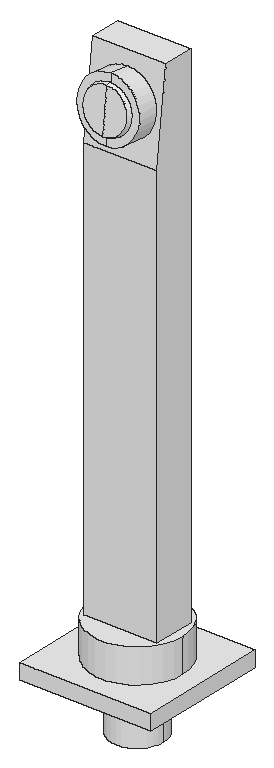
Revit family "Outlet-Basin-Caroma Quatro-Wall", category Plumbing Fixtures, host Face, Revit 2013
Parameters (values of type "Standard")
  Waste Connection = no
  Vent Connection = no
  URL = "http://www.caroma.com.au/"
  Type Comments = "Caroma Quatro Wall Basin Outlet"  # constant formula
  Model = "90708C6A"  # constant formula
  Material_ANZRS = Metal-Chrome-Caroma
  Manufacturer = "GWA Bathrooms & Kitchens"  # constant formula
  HWFU = 1.2  # constant formula
  HW Connection = yes
  Description = "WELS 6 Star rated, 4.5L/min"  # constant formula
  Default Elevation = 900 mm
  CreatedBy_ANZRS = "Design Content"  # constant formula
  CreatedByURL_ANZRS = "www.designcontent.com.au"
  Cost = 0
  Connector Radius = 10 mm
  CWFU = 1.2  # constant formula
  CW Connection = yes
  Assembly Code = "C1030210"
Reference planes
  plane 1 "Center (Front/Back)": y = 0
  plane 2: z = 0
  plane 3 "Center (Left/Right)": x = 0
Forms (mm)
  Revolve 1, solid, material "Metal-Chrome-Caroma" <- "Material_ANZRS"
    sketch origin (0, -188.696, 158.937) x (0, -0.009072, -0.999959) y (0, 0.999959, -0.009072)
      loop
        line (-34.304, 171.991) -> (-33.605, 173.426) -> (-30.608, 173.111) -> (-29.766, 181.125) -> (-41.7, 182.38) -> (-42.699, 172.873) -> (-34.304, 171.991)
      axis (-42.699, 172.873) -> (-41.7, 182.38)
    angle from 0 to 360
  Extrusion 2, solid, material "Metal-Chrome-Caroma" <- "Material_ANZRS"
    sketch origin (-7.071, -7.071, 0) x (-1, 0, 0) y (0, -1, 0)
      loop
        circle (-7.071, -7.071) r 10
    from -20 to 0
  Extrusion 3, solid, material "Metal-Chrome-Caroma" <- "Material_ANZRS"
    sketch origin (0, 133.552, 1219.2) x (0, 1, 0) y (0, 0, 1)
      loop
        line (-125.552, -1003.2) -> (-137.552, -1003.2) -> (-141.552, -1038.2) -> (-141.552, -1200.2) -> (-125.552, -1200.2) -> (-125.552, -1003.2)
    from -14 to 14
  Extrusion 4, solid, material "Metal-Chrome-Caroma" <- "Material_ANZRS"
    sketch origin (90, 0, 0) x (1, 0, 0) y (0, 1, 0)
      loop
        line (-115, 25) -> (-115, -25) -> (-65, -25) -> (-65, 25) -> (-115, 25)
    from 0 to 6
  Extrusion 5, solid, material "Metal-Chrome-Caroma" <- "Material_ANZRS"
    sketch origin (90, 0, 0) x (1, 0, 0) y (0, 1, 0)
      loop
        circle (-90, 0) r 17.5
    from 6 to 19
Cuts and joins
  joined: Revolve 1, Extrusion 3, Extrusion 4, Extrusion 5
Lines and regions (mm)
  Masking region 1
    outline origin (0, 0, 0) x (1, 0, 0) y (0, 1, 0)
      loop
        line (-25, 25) -> (-25, -25) -> (25, -25) -> (25, 25) -> (-25, 25)
  Masking region 2
    outline origin (0, 0, 0) x (1, 0, 0) y (0, 0, 1)
      loop
        line (25, 0) -> (25, 6) -> (17.5, 6) -> (17.5, 19) -> (14, 19) -> (14, 216) -> (-14, 216) -> (-14, 19) -> (-17.5, 19) -> (-17.5, 6) -> (-25, 6) -> (-25, 0) -> (25, 0)
  symbolic lines
    curve 1: line (14, 8, 0) -> (-14, 8, 0)
    curve 2: line (-14, 8, 0) -> (-14, -8, 0)
    curve 3: line (-14, -4, 0) -> (14, -4, 0)
    curve 4: line (14, -8, 0) -> (14, 8, 0)
    curve 5: spline (-9.324, -14.809, 0) -> (-10.569, -14.597, 0) -> (-11.444, -14.362, 0) -> (-11.916, -14.112, 0) -> (-11.971, -13.857, 0) -> (-11.605, -13.605, 0) -> (-10.832, -13.365, 0) -> (-9.678, -13.146, 0) -> (-8.185, -12.955, 0) -> (-6.404, -12.799, 0) -> (-4.398, -12.684, 0) -> (-2.238, -12.613, 0) -> (0, -12.589, 0)
    curve 6: spline (0, -12.589, 0) -> (2.238, -12.613, 0) -> (4.398, -12.684, 0) -> (6.404, -12.799, 0) -> (8.185, -12.955, 0) -> (9.678, -13.146, 0) -> (10.832, -13.365, 0) -> (11.605, -13.605, 0) -> (11.971, -13.857, 0) -> (11.916, -14.112, 0) -> (11.444, -14.362, 0) -> (10.569, -14.597, 0) -> (9.324, -14.809, 0)
    curve 7: spline (0, -14.483, 0) -> (-2.185, -14.516, 0) -> (-4.221, -14.612, 0) -> (-5.969, -14.764, 0) -> (-7.31, -14.963, 0) -> (-8.154, -15.194, 0) -> (-8.441, -15.442, 0) -> (-8.154, -15.69, 0) -> (-7.31, -15.921, 0) -> (-5.969, -16.12, 0) -> (-4.221, -16.272, 0) -> (-2.185, -16.368, 0) -> (0, -16.4, 0)
    curve 8: spline (0, -16.4, 0) -> (2.185, -16.368, 0) -> (4.221, -16.272, 0) -> (5.969, -16.12, 0) -> (7.31, -15.921, 0) -> (8.154, -15.69, 0) -> (8.441, -15.442, 0) -> (8.154, -15.194, 0) -> (7.31, -14.963, 0) -> (5.969, -14.764, 0) -> (4.221, -14.612, 0) -> (2.185, -14.516, 0) -> (0, -14.483, 0)
    curve 9: spline (8.987, -13.952, 0) -> (8.68, -13.687, 0) -> (7.783, -13.441, 0) -> (6.355, -13.23, 0) -> (4.493, -13.068, 0) -> (2.326, -12.966, 0) -> (0, -12.931, 0) -> (-2.326, -12.966, 0) -> (-4.493, -13.068, 0) -> (-6.355, -13.23, 0) -> (-7.783, -13.441, 0) -> (-8.68, -13.687, 0) -> (-8.987, -13.952, 0)
    curve 10: arc (-17.5, 0, 0) -> (-16.066, -6.937, 0) -> (-12, -12.738, 0) r 17.5
    curve 11: spline (-12, -5.945, 0) -> (-11.591, -5.592, 0) -> (-10.392, -5.264, 0) -> (-8.485, -4.982, 0) -> (-6, -4.765, 0) -> (-3.106, -4.629, 0) -> (0, -4.582, 0) -> (3.106, -4.629, 0) -> (6, -4.765, 0) -> (8.485, -4.982, 0) -> (10.392, -5.264, 0) -> (11.591, -5.592, 0) -> (12, -5.945, 0)
    curve 12: arc (17.5, 0, 0) -> (0, 17.5, 0) -> (-17.5, 0, 0) r 17.5
    curve 13: line (-14, -8, 0) -> (-12, -8, 0)
    curve 14: line (12, -8, 0) -> (14, -8, 0)
    curve 15: line (-12, -5.945, 0) -> (-12, -13.952, 0)
    curve 16: line (12, -5.945, 0) -> (12, -13.952, 0)
    curve 17: line (8.987, -13.952, 0) -> (8.441, -15.442, 0)
    curve 18: line (-8.987, -13.952, 0) -> (-8.441, -15.442, 0)
    curve 19: arc (12, -12.738, 0) -> (16.066, -6.937, 0) -> (17.5, 0, 0) r 17.5
    curve 20: arc (8.493, -15.301, 0) -> (8.912, -15.061, 0) -> (9.324, -14.809, 0) r 17.5
    curve 21: arc (-7.23, -15.937, 0) -> (0, -17.5, 0) -> (7.23, -15.937, 0) r 17.5
    curve 22: arc (-9.324, -14.809, 0) -> (-8.912, -15.061, 0) -> (-8.493, -15.301, 0) r 17.5
    curve 23: line (-25, 25, 0) -> (-20, 25, 0)
    curve 24: line (-25, -25, 0) -> (-25, 25, 0)
    curve 25: line (-20, -25, 0) -> (-25, -25, 0)
    curve 26: line (25, 0, 6) -> (-25, 0, 6)
    curve 27: line (17.5, 0, 19) -> (-17.5, 0, 19)
Dimensions and locks
  aligned and locked: plane 2 to host face
  aligned and locked: level to host face
Connectors
  piping at (0, 0, -20), driven by "Connector Radius", driven by "HWFU"
    settings: on Extrusion 2, index 4, connector radius 0.3937", flow factor 0, pipe flow 0 GPM, pressure drop 0.00 psi, fitting loss kfactor 0, connector angle 0.00°, fixture units 1.2, engagement length 0 mm, flow configuration 3, flow direction 1, fitting loss method 1, system type 19, joint type 0, gender type 0, connector reference index -1, connector utility 0, adjustable connector no, is connector primary yes, fitting loss table "Outlet", connector description "Hot Inlet"
